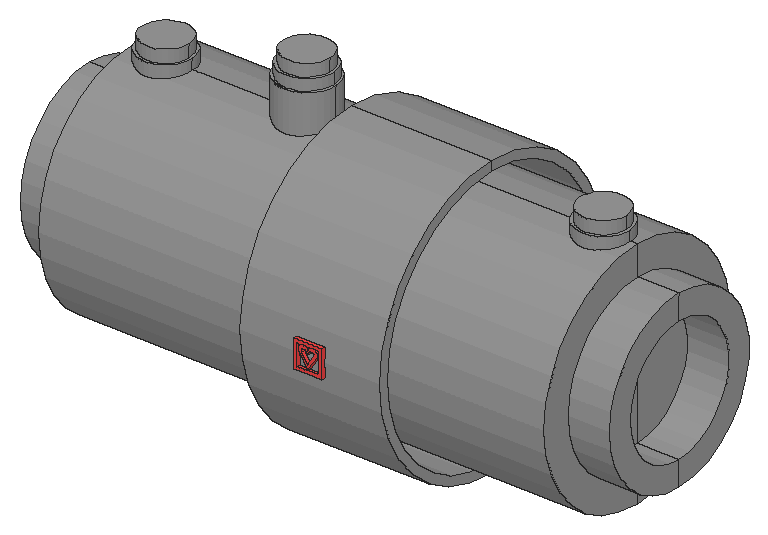
Revit family "Клапан предотвращения обратного потока 0307, внутренняя резьба х внутренняя резьба", category Rohrzubehör, Revit 2021
Family settings
  Bemaßung runder Anschluss = Durchmesser verwenden
  Teiletyp = Unterbricht
  OmniClass-Nummer = 23.65.55.14
  OmniClass-Titel = Valves for Liquid Services
  Arbeitsebenenbasiert = Nein
  Immer vertikal = Ja
  Beim Laden mit Abzugskörper schneiden = Nein
  Gemeinsam genutzt = Nein
Parameters (values of type "внутренняя резьба х внутренняя резьба DN40-DN40")
  Среда = "вода (не пар)"  # constant formula
  Примечание = "В соответствии со статьей 33 Регламента REACH (Registration; Evaluation; Authorisation; Restriction of Chemicals) (EC № 1907/2006) мы обязаны указать, что свинец внесен в список SVHC (Substances of Very High Concern - вещества очень высокой важности) и весовой процент свинца во всех латунных компонентах заводского изготовления в наших изделиях, превышает 0,1 % (w/w) (CAS: 7439-92-1 / EINECS: 231-100-4).\r\nПоскольку свинец является легирующим компонентом сплава, прямое негативное влияние исключается, и поэтому дополнительной информации о безопасном использовании не требуется."
  Область применения = "Клапан предотвращения обратного потока является экономически выгодным решением по дооснащению гидрантов арматурой, в соответствии с предписаниями DIN EN 1717, предотвращающей подсасывание непитьевой воды обратно в трубопровод питьевого водоснабжения.\r\nКлапан предотвращения обратного потока предназначается для установки в горизонтальном положении.\r\nДопускается также его вертикальное положение, но обязательно по направлению движения потока сверху вниз.\r\nКлапан не предусмотрен для установки на стояковых нагнетательных трубопроводах."
  Макс. рабочее давление = 1000000.0 Pa  # constant formula
  Макс. рабочая температура = 65 °C  # constant formula
  Корпус = "нержавеющая сталь"  # constant formula
  Исполнение = "Клапан предотвращения обратного потока ВА разработан согласно требованиям нормы DIN EN 1717.\r\nСогласно этой нормы качество воды, в зависимости от степени загрязнения, разделяется на 5 категорий.\r\nКлапан предотвращения обратного потока типа ВА обеспечивает защиту от непитьевой воды до 4 категории, - это самый высокий класс защиты, который может обеспечить арматура.\r\nБолее низкий уровень защиты, чем тот, что обеспечивается клапаном предотвращения обратного потока, не является стандартом и в случае аварии ответственность несёт потребитель такого гидранта.\r\nФункциональный узел представляет собой картридж с золотником больших размеров и защищающего от гидравлического удара спускного клапана.\r\nРезьбы соединения между собой взаимозаменяемы, при этом возможны 16 вариантов подключения (входная и выходная стороны могут быть с внутренней или наружной резьбой  1 1/2\" , как альтернатива,  с внутренней или наружной резьбой 2\")."
  Vorgabe-Ansicht = 0.000 mm
  URL = "www.herz-armaturen.ru"
  SCTWSEQ = "AW;SBT_TYP_AW=\"104\";2"
  SCTWCODE = "04;12;02"  # constant formula
  S03 = 15.000 mm  # constant formula
  S02 = 45.000 mm  # constant formula
  S01 = 98.000 mm  # constant formula
  Nennweite Ein [instance] = if(IG_IG_DN40_DN40, 40.000 mm, if(IG_IG_DN40_DN50, 40.000 mm, if(IG_IG_DN50_DN40, 50.000 mm, if(IG_IG_DN50_DN50, 50.000 mm, 0.000 mm))))  # 40.000 mm
  Nennweite Aus [instance] = if(IG_IG_DN40_DN40, 40.000 mm, if(IG_IG_DN40_DN50, 50.000 mm, if(IG_IG_DN50_DN40, 40.000 mm, if(IG_IG_DN50_DN50, 50.000 mm, 0.000 mm))))  # 40.000 mm
  Макс. допустимая рабочая температура (кратковременно) = 80 °C  # constant formula
  L08 = 45.000 mm  # constant formula
  L07 = 24.500 mm  # constant formula
  L06 = 70.000 mm  # constant formula
  L05 = 28.000 mm  # constant formula
  L04 = 13.500 mm  # constant formula
  L03 = 84.500 mm  # constant formula
  L02 = 18.000 mm  # constant formula
  L01 = 190.000 mm  # constant formula
  Hersteller = "HERZ Armaturen Ges.m.b.H."  # constant formula
  Положение при монтаже = "горизонтально или вертикально, с направлением потока сверху вниз"  # constant formula
  D04 [instance] = if(IG_IG_DN40_DN40, 28.000 mm, if(IG_IG_DN40_DN50, 33.000 mm, if(IG_IG_DN50_DN40, 28.000 mm, if(IG_IG_DN50_DN50, 33.000 mm, 0.000 mm))))  # 28.000 mm
  D03 [instance] = if(IG_IG_DN40_DN40, 28.000 mm, if(IG_IG_DN40_DN50, 28.000 mm, if(IG_IG_DN50_DN40, 33.000 mm, if(IG_IG_DN50_DN50, 33.000 mm, 0.000 mm))))  # 28.000 mm
  D02 = 45.000 mm  # constant formula
  D01 = 37.500 mm  # constant formula
  Номер заказа [instance] = if(IG_IG_DN40_DN40, "I030701", if(IG_IG_DN40_DN50, "I030709", if(IG_IG_DN50_DN40, "I030713", if(IG_IG_DN50_DN50, "I030705", "0"))))  # "I030701"
  IG_IG_DN50_DN50 = no
  IG_IG_DN50_DN40 = no
  IG_IG_DN40_DN50 = no
  IG_IG_DN40_DN40 = yes
  IG Ein [instance] = Nennweite Ein / 2  # 20.000 mm
  IG Aus [instance] = Nennweite Aus / 2  # 20.000 mm
Types (5, lengths in mm): name | Nennweite Ein | Nennweite Aus | D04 | D03 | Номер заказа | IG_IG_DN50_DN50 | IG_IG_DN50_DN40 | IG_IG_DN40_DN50 | IG_IG_DN40_DN40 | IG Ein | IG Aus
  (no name) | 40.000 | 40.000 | 28.000 | 28.000 | "I030701" | no | no | no | yes | 20.000 | 20.000
  внутренняя резьба х внутренняя резьба DN40-DN50 | 40.000 | 50.000 | 33.000 | 28.000 | "I030709" | no | no | yes | no | 20.000 | 25.000
  внутренняя резьба х внутренняя резьба DN40-DN40 | 40.000 | 40.000 | 28.000 | 28.000 | "I030701" | no | no | no | yes | 20.000 | 20.000
  внутренняя резьба х внутренняя резьба DN50-DN50 | 50.000 | 50.000 | 33.000 | 33.000 | "I030705" | yes | no | no | no | 25.000 | 25.000
  внутренняя резьба х внутренняя резьба DN50-DN40 | 50.000 | 40.000 | 28.000 | 33.000 | "I030713" | no | yes | no | no | 25.000 | 20.000
Reference planes
  plane 1 "Mitte (Vorne/hinten)": y = 0
  plane 2: z = 0
  plane 3 "Mitte (Links/rechts)": x = 0
Forms (mm)
  Revolve 1, solid, material "Messing, weicher Gelbton, geschweißt", detail levels fine
    sketch origin (0, 0, 0) x (1, 0, 0) y (0, 0, 1)
      loop
        line (81.5, 0) -> (81.5, 20) -> (95, 20) -> (95, 28) -> (81.5, 28) -> (81.5, 37.5) -> (-81.5, 37.5) -> (-81.5, 28) -> (-95, 28) -> (-95, 20) -> (-81.5, 20) -> (-81.5, 0) -> (81.5, 0)
      axis (-95, 0) -> (95, 0)
    angle from 0 to 360
  Revolve 2, solid, material "Acetalharz, Schwarz", detail levels fine
    sketch origin (0, 0, 0) x (1, 0, 0) y (0, 0, 1)
      loop
        line (-10.5, 0) -> (1.5, 0) -> (1.5, 42) -> (34.5, 42) -> (34.5, 45) -> (-10.5, 45) -> (-10.5, 0)
      axis (-10.5, 0) -> (34.5, 0)
    angle from 0 to 360
  Extrusion 3, solid, material "Messing, weicher Gelbton, geschweißt", detail levels fine
    sketch origin (0, 0, 0) x (1, 0, 0) y (0, 1, 0)
      loop
        circle (-70.5, 0) r 8.5
      loop
        circle (70.5, 0) r 8.5
    from 0 to 40.5
  Extrusion 4, solid, material "Acetalharz, Schwarz", detail levels fine
    sketch origin (0, 0, 0) x (1, 0, 0) y (0, 1, 0)
      loop
        circle (-70.5, 0) r 7.5
      loop
        circle (70.5, 0) r 7.5
    from 40.5 to 44.5
  Extrusion 5, solid, material "Messing, weicher Gelbton, geschweißt", detail levels fine
    sketch origin (0, 0, 0) x (1, 0, 0) y (0, 1, 0)
      loop
        circle (-25, 0) r 9.3
    from 0 to 49
  Extrusion 6, solid, material "Messing, weicher Gelbton, geschweißt", detail levels fine
    sketch origin (0, 0, 0) x (1, 0, 0) y (0, 1, 0)
      loop
        circle (-25, 0) r 8.5
    from 49 to 52.5
  Extrusion 7, solid, material "Acetalharz, Schwarz", visible <- "IG_IG_DN40_DN50", detail levels fine
    sketch origin (0, 0, 0) x (1, 0, 0) y (0, 1, 0)
      loop
        circle (-25, 0) r 7.5
    from 52.5 to 56.5
  Extrusion 8, solid, material "Acetalharz, Schwarz", visible <- "IG_IG_DN40_DN40", detail levels fine
    sketch origin (0, 0, 0) x (1, 0, 0) y (0, 1, 0)
      loop
        circle (-25, 0) r 7.5
    from 52.5 to 56.4
  Extrusion 9, solid, material "Acetalharz, Schwarz", visible <- "IG_IG_DN50_DN50", detail levels fine
    sketch origin (0, 0, 0) x (1, 0, 0) y (0, 1, 0)
      loop
        circle (-25, 0) r 7.5
    from 52.5 to 56.3
  Extrusion 10, solid, material "Acetalharz, Schwarz", visible <- "IG_IG_DN50_DN40", detail levels fine
    sketch origin (0, 0, 0) x (1, 0, 0) y (0, 1, 0)
      loop
        circle (-25, 0) r 7.5
    from 52.5 to 56.2
Lines and regions (mm)
  model lines, detail levels coarse+medium
    curve 1: line (-95, 0, 37.5) -> (95, 0, 37.5)
    curve 2: line (-95, 0, -37.5) -> (-95, 0, 37.5)
    curve 3: line (95, 0, -37.5) -> (-95, 0, -37.5)
    curve 4: line (95, 0, 37.5) -> (95, 0, -37.5)
    curve 5: line (-95, 0, -22.5) -> (-50, 0, -22.5)
    curve 6: line (-3, 0, -22.5) -> (95, 0, -22.5)
    curve 7: line (-95, 0, 22.5) -> (-50, 0, 22.5)
    curve 8: line (-3, 0, 22.5) -> (95, 0, 22.5)
    curve 9: line (-95, 37.5, 0) -> (95, 37.5, 0)
    curve 10: line (-95, -37.5, 0) -> (-95, 37.5, 0)
    curve 11: line (95, -37.5, 0) -> (-95, -37.5, 0)
    curve 12: line (95, 37.5, 0) -> (95, -37.5, 0)
    curve 13: line (-95, 22.5, 0) -> (-50, 22.5, 0)
    curve 14: line (-3, 22.5, 0) -> (95, 22.5, 0)
    curve 15: line (-95, -22.5, 0) -> (-50, -22.5, 0)
    curve 16: line (-3, -22.5, 0) -> (95, -22.5, 0)
Dimensions and locks
  equal spacing: curve 4, plane 3 "Mitte (Links/rechts)", curve 2
  "L01": curve 4 to curve 2
  "D01": curve 1 to plane 2 to curve 3
  "S03": curve 5 to curve 3
  "S03": curve 1 to curve 7
  "S03": curve 1 to curve 8
  "S03": curve 6 to curve 3
  "S02": curve 5 to curve 2
  "S02": curve 7 to curve 2
  "S01": curve 8 to curve 4
  "S01": curve 6 to curve 4
  equal spacing: curve 10, plane 3 "Mitte (Links/rechts)", curve 12
  "L01": curve 10 to curve 12
  "D01": curve 11 to plane 1 "Mitte (Vorne/hinten)" to curve 9
  "S03": curve 13 to curve 9
  "S03": curve 11 to curve 15
  "S03": curve 14 to curve 9
  "S03": curve 11 to curve 16
  "S01": curve 14 to curve 12
  "S01": curve 16 to curve 12
  "S02": curve 10 to curve 15
  "S02": curve 10 to curve 13
  "D02": Revolve 2 sketch curve to Revolve 2 sketch curve
  equal spacing: Revolve 2, nested 1, Revolve 2
  "D02": nested 1 to plane 1 "Mitte (Vorne/hinten)"
  "IG Ein": Revolve 1 sketch curve to plane 2
  "D03": Revolve 1 sketch curve to plane 2
  "D01": Revolve 1 sketch curve to plane 2
  "L03": Revolve 1 to Revolve 2 sketch curve
  "L07": Revolve 1 to Extrusion 3 sketch curve
  "L07": Revolve 1 to Extrusion 4 sketch curve
  "L06": Revolve 1 to Extrusion 5 sketch curve
  "L06": Revolve 1 to Extrusion 6 sketch curve
  "L06": Revolve 1 to Extrusion 10 sketch curve
  "L06": Revolve 1 to Extrusion 9 sketch curve
  "L06": Revolve 1 to Extrusion 8 sketch curve
  "L06": Revolve 1 to Extrusion 7 sketch curve
  "L08": Revolve 2 sketch curve to Revolve 2 sketch curve
  "IG Aus": Revolve 1 sketch curve to Revolve 1 sketch curve
  "D04": Revolve 1 sketch curve to Revolve 1 sketch curve
  "L01": Revolve 1 sketch curve to Revolve 1 sketch curve
  equal spacing: Revolve 1 sketch curve, plane 3 "Mitte (Links/rechts)", Revolve 1 sketch curve
  "L07": Extrusion 3 sketch curve to Revolve 1
  "L07": Extrusion 4 sketch curve to Revolve 1
  "L04": Revolve 1 sketch curve to Revolve 1 sketch curve  (x2)
  aligned and locked: level to plane 2
Automatic sketch dimensions
  Revolve 1 sketch curve to level = 0.000 mm  (x2)
  Revolve 1 sketch curve to Revolve 1 sketch curve = 0.000 mm
  Revolve 1 sketch curve to Revolve 1 sketch curve = 13.500 mm
  Revolve 1 sketch curve to Revolve 1 sketch curve = 1408.530 mm
  Revolve 1 sketch curve to Revolve 1 sketch curve = 1741.148 mm
  Revolve 2 sketch curve to level = 0.000 mm  (x2)
  plane 3 "Mitte (Links/rechts)" to Revolve 2 sketch curve = 1.500 mm
  Revolve 2 sketch curve to Revolve 2 sketch curve = 3.000 mm
  Revolve 2 sketch curve to Revolve 2 sketch curve = 1496.030 mm
  Revolve 2 sketch curve to Revolve 2 sketch curve = 1804.648 mm
  plane 1 "Mitte (Vorne/hinten)" to Extrusion 3 sketch curve = 0.000 mm  (x2)
  plane 1 "Mitte (Vorne/hinten)" to Extrusion 4 sketch curve = 0.000 mm  (x2)
  plane 1 "Mitte (Vorne/hinten)" to Extrusion 5 sketch curve = 0.000 mm
  plane 1 "Mitte (Vorne/hinten)" to Extrusion 6 sketch curve = 0.000 mm
  plane 1 "Mitte (Vorne/hinten)" to Extrusion 7 sketch curve = 0.000 mm
  plane 1 "Mitte (Vorne/hinten)" to Extrusion 8 sketch curve = 0.000 mm
  plane 1 "Mitte (Vorne/hinten)" to Extrusion 9 sketch curve = 0.000 mm
  plane 1 "Mitte (Vorne/hinten)" to Extrusion 10 sketch curve = 0.000 mm
  radius of Extrusion 3 sketch curve = 8.500 mm  (x2)
  radius of Extrusion 4 sketch curve = 7.500 mm  (x2)
  radius of Extrusion 5 sketch curve = 9.300 mm
  radius of Extrusion 6 sketch curve = 8.500 mm
  radius of Extrusion 7 sketch curve = 7.500 mm
  radius of Extrusion 8 sketch curve = 7.500 mm
  radius of Extrusion 9 sketch curve = 7.500 mm
  radius of Extrusion 10 sketch curve = 7.500 mm
Nested families
  nested 1: "Herz-Logo-vorne" at (12, -45, 0) x (0, 1, 0) z (0, 0, 1), type "Herz-Logo-vorne", detail levels fine
Connectors
  piping at (-81.5, 0, 0), diameter 40, driven by "Nennweite Ein"
    settings: on Revolve 1, index 1, connector inside diameter 609.6 mm, connector length 0.000 mm, flow factor 0, pipe flow 0.0 L/s, pressure drop 0.0 Pa, fitting loss kfactor 0, connector angle 0.00°, fixture units 0, engagement length 0.000 mm, angle of deflection 0.00°, flow configuration 0, flow direction 1, fitting loss method 0, system type 29, joint type 0, gender type 0, connector reference index -1, connector utility 0, adjustable connector no, is connector primary yes, connector description ""
  piping at (81.5, 0, 0), diameter 40, driven by "Nennweite Aus"
    settings: on Revolve 1, index 2, connector inside diameter 609.6 mm, connector length 0.000 mm, flow factor 0, pipe flow 0.0 L/s, pressure drop 0.0 Pa, fitting loss kfactor 0, connector angle 0.00°, fixture units 0, engagement length 0.000 mm, angle of deflection 0.00°, flow configuration 0, flow direction 2, fitting loss method 0, system type 29, joint type 0, gender type 0, connector reference index -1, connector utility 0, adjustable connector no, is connector primary no, connector description ""
Definition of nested family "Herz-Logo-vorne"
  Parameters (values of type "Herz-Logo-vorne")
    Default Elevation = 0.000 mm
  Reference planes
    plane 1 "Mitte (Vorne/hinten)": y = 0
    plane 2: z = 0
    plane 3 "Mitte (Links/rechts)": x = 0
  Forms (mm)
    Extrusion 1, solid
      sketch origin (0.732, -0.018, 0.017) x (0, -1, 0) y (0, 0, 1)
        loop
          line (-0.018, -4.517) -> (4.482, -4.517) -> (4.482, 4.483) -> (-4.518, 4.483) -> (-4.518, -4.517) -> (-0.018, -4.517)
        loop
          line (-0.05, -3.48) -> (3.482, -3.48) -> (3.482, 3.483) -> (-3.518, 3.483) -> (-3.518, -3.48) -> (-0.05, -3.48)
        loop
          arc (-0.018, 2.383) -> (-1.543, 3.287) -> (-3.067, 2.383) r 1.738
          arc (-3.067, 2.383) -> (-3.191, 1.899) -> (-3.067, 1.415) r 1.009
          line (-3.067, 1.415) -> (-0.018, -3.281) -> (3.032, 1.415)
          arc (3.032, 1.415) -> (3.156, 1.899) -> (3.032, 2.383) r 1.009
          arc (3.032, 2.383) -> (1.507, 3.287) -> (-0.018, 2.383) r 1.738
        loop
          arc (1.885, 1.272) -> (2.005, 1.675) -> (1.885, 2.079) r 0.74
          arc (1.885, 2.079) -> (1.265, 2.416) -> (0.644, 2.079) r 0.74
          line (0.644, 2.079) -> (-0.018, 0.97) -> (-0.679, 2.079)
          arc (-0.679, 2.079) -> (-1.3, 2.416) -> (-1.921, 2.079) r 0.74
          arc (-1.921, 2.079) -> (-2.04, 1.675) -> (-1.921, 1.272) r 0.74
          line (-1.921, 1.272) -> (-0.018, -1.658) -> (1.885, 1.272)
      from 0 to 1.5
  Dimensions and locks
    aligned and locked: level to plane 2
